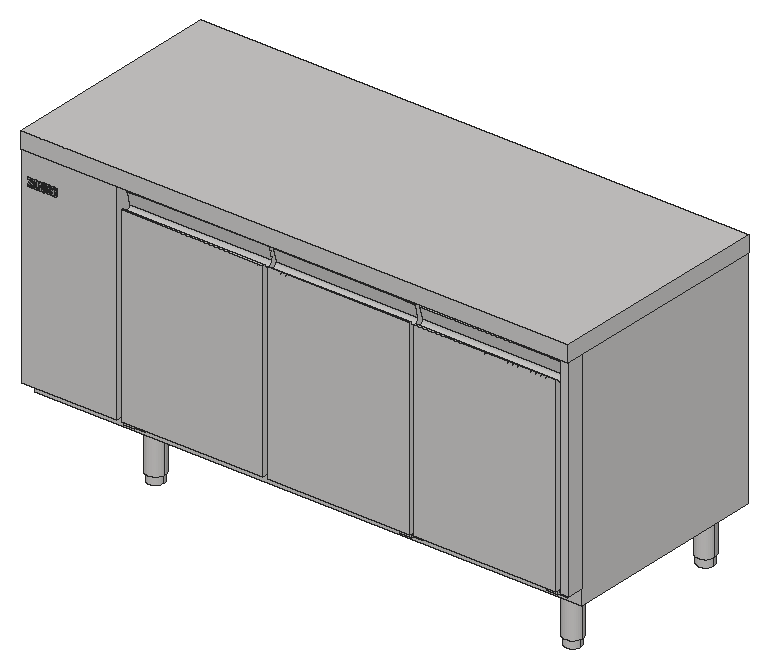
Revit family "QF_ZANUSSI_111113_ZK3HBAAA", category Attrezzature speciali, Revit 2018
Family settings
  Quota connettore circolare = Usa diametro
  Tipo di parte = Normale
  Basato su piano di lavoro = No
  Sempre verticale = Sì
  Taglio con vuoti quando caricato = No
  Condiviso = No
  Punto di calcolo locali = No
Parameters (values of type "Standard")
  Weight = 120.00 kg
  Watts = 220 W
  Volts = 220 V
  URL Manufacturer = "http://www.zanussiprofessional.com"
  URL = "http://www.zanussiprofessional.com"
  Steam Supply Size = 0 mm
  Steam Supply Minimum Pressure = 0.0 Pa
  Steam Supply Maximum Pressure = 0.0 Pa
  Steam Consumption per Hour = 0
  Refrigeration Suction Line Size = 0 mm
  Refrigeration Liquid Line Size = 0 mm
  Refrigerant Compressor Remote = yes
  Produttore = "Zanussi"
  Phase = 1
  Modello = "ZK3HBAAA"
  Length Actual = 1699 mm  # constant formula
  Item Number = "111113"
  Hot Water Size = 0 mm
  Height Actual = 900 mm  # constant formula
  HP = "0.3 HP"
  Gas Size = 0 mm
  Gas KW = 0
  Gas Input Pressure = 0 W
  Direct Waste Size = 0 mm
  Descrizione = "3-DOOR REFRIGERATED COUNTER, -2+10°C, AISI 304 (R290)"
  Depth Actual = 700 mm  # constant formula
  Cycle = 50 Hz
  Condensate Return Size = 0 mm
  Compressed Air Volume = 0.0 L/s
  Compressed Air Size = 0 mm
  Compressed Air Pressure = 0.0 Pa
  Cold Water Size = 0 mm
  Accessory = yes
Values of the unnamed type that differ from the named types
  Weight = 0.00 kg
  Watts = 0 W
  Volts = 0 V
  URL Manufacturer = ""
  Item Number = ""
  HP = ""
  Cycle = 0 Hz
Reference planes
  plane 1: z = 0
  plane 2 "Center (Left/Right)": x = -126.5
  plane 3 "Center (Front/Back)": y = 64.5
  plane 4 "BACK": y = 414.5
  plane 5 "FRONT": y = -285.5
  plane 6 "LEFT": x = -976
  plane 7 "RIGHT": x = 723
  plane 8 "FEET": z = 150
  plane 9 "TOP": z = 900
  plane 10 "PLAIN": z = 850
  plane 11 "EI_back": y = 105.5
  plane 12 "EI_left": x = -911
  plane 13 "BorderBack": y = 414.5
  plane 14 "BorderFront": y = -280.5
  plane 15 "DOOR": y = -230.5
  plane 16 "BorderLeft": x = -974
  plane 17 "BorderRight": x = 721
  plane 18: x = -949
  plane 19: x = 696
Forms (mm)
  Extrusion 1, solid, material "QF_Finishes_Stainless Steel"
    sketch origin (-1022.223, -1524, 150) x (-1, 0, 0) y (0, -1, 0)
      loop
        circle (-111.223, -1629.5) r 5
    from 0 to -40
  Extrusion 2, solid, material "QF_Finishes_Stainless Steel"
    sketch origin (-1022.223, -1524, 150) x (-1, 0, 0) y (0, -1, 0)
      loop
        line (-1718.223, -1293.5) -> (-1718.223, -1243.5) -> (-1743.223, -1243.5) -> (-1743.223, -1293.5) -> (-1718.223, -1293.5)
    from 48 to 700
  Extrusion 3, solid, material "QF_Finishes_Stainless Steel"
    sketch origin (-1022.223, -1524, 150) x (-1, 0, 0) y (0, -1, 0)
      loop
        line (-48.223, -1938.5) -> (-48.223, -1293.5) -> (-1743.223, -1293.5) -> (-1743.223, -1938.5) -> (-48.223, -1938.5)
    from 0 to 700
Dimensions and locks
  equal spacing: plane 6 "LEFT", plane 2 "Center (Left/Right)", plane 7 "RIGHT"
  plane 4 "BACK" to plane 5 "FRONT" = 700 mm  (x2)
  plane 8 "FEET" to level = 150 mm
  plane 4 "BACK" to plane 13 "BorderBack" = 0 mm
  plane 14 "BorderFront" to plane 5 "FRONT" = 5 mm
  plane 15 "DOOR" to plane 14 "BorderFront" = 50 mm
  plane 6 "LEFT" to plane 16 "BorderLeft" = 2 mm
  plane 17 "BorderRight" to plane 7 "RIGHT" = 2 mm
  plane 10 "PLAIN" to plane 8 "FEET" = 700 mm
  plane 9 "TOP" to plane 10 "PLAIN" = 50 mm
  plane 16 "BorderLeft" to plane 18 = 25 mm
  plane 19 to plane 17 "BorderRight" = 25 mm
  plane 13 "BorderBack" to plane 11 "EI_back" = 309 mm
  plane 16 "BorderLeft" to plane 12 "EI_left" = 63 mm
  plane 6 "LEFT" to plane 7 "RIGHT" = 1699 mm
  equal spacing: plane 4 "BACK", plane 3 "Center (Front/Back)", plane 5 "FRONT"
  aligned and locked: level to plane 1
Automatic sketch dimensions
  Extrusion 1 sketch curve to plane 11 "EI_back" = 0 mm
  Extrusion 1 sketch curve to plane 12 "EI_left" = 0 mm
  Extrusion 2 sketch curve to plane 15 "DOOR" = 0 mm
  Extrusion 2 sketch curve to plane 17 "BorderRight" = 0 mm
  Extrusion 2 sketch curve to plane 14 "BorderFront" = 0 mm
  Extrusion 2 sketch curve to plane 19 = 0 mm
  Extrusion 3 sketch curve to plane 13 "BorderBack" = 0 mm
  Extrusion 3 sketch curve to plane 17 "BorderRight" = 0 mm
  Extrusion 3 sketch curve to plane 15 "DOOR" = 0 mm
  Extrusion 3 sketch curve to plane 16 "BorderLeft" = 0 mm
  radius of Extrusion 1 sketch curve = 5 mm
Nested families
  nested 1: "HPC_PLAIN" at (0, 0, 0), type "HPC_PLAIN"
    with Show Logo yes, Show Clearance yes, Length 1699 mm
  nested 2: "HPC_Refrigerator" at (723, -280.5, 0), type "HPC_Refrigerator"
  nested 3: "HPC_FEET" at (-640, 333.5, 0), type "HPC_FEET"
  nested 4: "HPC_FEET" at (655, 333.5, 0), type "HPC_FEET"
  nested 5: "HPC_FEET" at (-640, -180.5, 0), type "HPC_FEET"
  nested 6: "HPC_FEET" at (655, -180.5, 0), type "HPC_FEET"
  nested 7: "HPC_ZAN_BI_TN_L" at (-767.08, -230.5, 598) x (1, 0, 0) z (0, -1, 0), type "HPC_ZAN_BI_TN_L"
    with Show Logo yes
  nested 8: "HPC_ZAN_SD_L" at (-446, -230.5, 512) x (1, 0, 0) z (0, -1, 0), type "HPC_ZAN_SD_L"
    with Show Clearance yes
  nested 9: "HPC_ZAN_SD_R" at (8, -230.5, 512) x (1, 0, 0) z (0, -1, 0), type "HPC_ZAN_SD_R"
    with Show Clearance yes
  nested 10: "HPC_ZAN_SD_R" at (462, -230.5, 512) x (1, 0, 0) z (0, -1, 0), type "HPC_ZAN_SD_R"
    with Show Clearance yes
Connectors
  electrical at (-911, 105.5, 110), driven by "Volts"
    settings: on Extrusion 1, index 1, voltage 220 V, apparent load 0 VA, apparent load phase1 0 VA, apparent load phase2 0 VA, apparent load phase3 0 VA, power factor 1, load classification "Other", number of poles 1, system type 31, power factor state 1, is connector primary yes, connector utility no, sub classification motor no, connector description "Electrical Connection"
Definition of nested family "HPC_PLAIN"
  Parameters
    Show Logo [instance] = yes
    Show Clearance [instance] = yes
    Plain = 50 mm
    Manufacturer = ""
    Model = ""
    Length = 1000 mm
    Height = 700 mm
    Feet = 150 mm
    Depth = 700 mm
    Description = ""
  Reference planes
    plane 1 "Center (Front/Back)": y = 64.5
    plane 2: z = 0
    plane 3 "Center (Left/Right)": x = -126.5
    plane 4 "BACK": y = 414.5
    plane 5 "FRONT": y = -285.5
    plane 6 "LEFT": x = -626.5
    plane 7 "RIGHT": x = 373.5
    plane 8 "FEET": z = 150
    plane 9 "TOP": z = 900
    plane 10 "PLAIN": z = 850
  Forms (mm)
    Extrusion 1, solid
      sketch origin (-626.5, 0, 0) x (0, 1, 0) y (0, 0, 1)
        loop
          line (414.5, 900) -> (-285.5, 900) -> (-285.5, 850) -> (414.5, 850) -> (414.5, 900)
      from 0 to 1000 <- "Length"
  Lines and regions (mm)
    symbolic lines
      curve 1: line (373.5, 414.5, 150) -> (-626.5, 414.5, 150)
      curve 2: line (-626.5, 414.5, 150) -> (-626.5, -285.5, 150)
      curve 3: line (-626.5, -285.5, 150) -> (373.5, -285.5, 150)
      curve 4: line (373.5, -285.5, 150) -> (373.5, 414.5, 150)
      curve 5: line (-626.5, -230.5, 150) -> (373.5, -230.5, 150)
  Dimensions and locks
    equal spacing: plane 6 "LEFT", plane 3 "Center (Left/Right)", plane 7 "RIGHT"
    equal spacing: plane 4 "BACK", plane 1 "Center (Front/Back)", plane 5 "FRONT"
    plane 4 "BACK" to plane 5 "FRONT" = 700 mm
    "Feet": plane 8 "FEET" to level
    "Height": plane 10 "PLAIN" to plane 8 "FEET"
    "Plain": plane 9 "TOP" to plane 10 "PLAIN"
    "Length": plane 6 "LEFT" to plane 7 "RIGHT"
    "Depth": plane 4 "BACK" to plane 5 "FRONT"
    aligned and locked: level to plane 2
  Automatic sketch dimensions
    Extrusion 1 sketch curve to plane 5 "FRONT" = 0 mm
    Extrusion 1 sketch curve to plane 4 "BACK" = 0 mm
    Extrusion 1 sketch curve to plane 10 "PLAIN" = 0 mm
    Extrusion 1 sketch curve to plane 9 "TOP" = 0 mm
    curve 1 to plane 4 "BACK" = 0 mm
    plane 5 "FRONT" to curve 5 = 55 mm
    curve 5 to plane 7 "RIGHT" = 0 mm
    curve 5 to plane 6 "LEFT" = 0 mm
    curve 3 to plane 5 "FRONT" = 0 mm
Definition of nested family "HPC_FEET"
  Parameters
    FEET = 150 mm
  Reference planes
    plane 1 "Center (Front/Back)": y = 0
    plane 2: z = 0
    plane 3 "Center (Left/Right)": x = 0
    plane 4: z = 150
  Forms (mm)
    Revolve 1, solid
      sketch origin (255.05, 0, 608.09) x (0, 0, 1) y (-1, 0, 0)
        loop
          line (-608.09, 255.05) -> (-608.09, 230.05) -> (-583.09, 230.05) -> (-583.09, 226.05) -> (-458.09, 226.05) -> (-458.09, 255.05) -> (-608.09, 255.05)
        axis (-608.09, 255.05) -> (-458.09, 255.05)
      angle from 0 to 360
  Dimensions and locks
    locked: Revolve 1 sketch curve to Revolve 1 sketch curve at 125
    "FEET": plane 4 to plane 2
    aligned and locked: level to plane 2
    aligned and locked: plane 4 to Revolve 1 sketch curve
    aligned and locked: Revolve 1 sketch curve to level
    aligned and locked: plane 3 "Center (Left/Right)" to Revolve 1 sketch curve
  Automatic sketch dimensions
    Revolve 1 sketch curve to plane 3 "Center (Left/Right)" = 0 mm
    Revolve 1 sketch curve to Revolve 1 sketch curve = 25 mm
    Revolve 1 sketch curve to Revolve 1 sketch curve = 29 mm
    plane 4 to Revolve 1 sketch curve = 50 mm
    Revolve 1 sketch curve to Revolve 1 sketch curve = 20 mm
Definition of nested family "HPC_ZAN_BI_TN_L"
  Parameters
    Show Logo [instance] = yes
    Default Elevation = 1219.2 mm
  Reference planes
    plane 1 "Center (Front/Back)": y = -74
    plane 2: z = 0
    plane 3 "Center (Left/Right)": x = -59.92
    plane 4: x = -206.92
    plane 5: x = 87.08
    plane 6: y = 252
    plane 7: y = -400
  Forms (mm)
    Extrusion 1, solid
      sketch origin (0, 0, 0) x (1, 0, 0) y (0, 1, 0)
        loop
          line (-1219.2, 1219.2) -> (-1219.2, -1219.2) -> (1219.2, -1219.2) -> (1219.2, 1219.2) -> (-1219.2, 1219.2)
      from 0 to -304.8
    Extrusion 2, solid
      sketch origin (0, 0, 0) x (1, 0, 0) y (0, 1, 0)
        loop
          line (-206.92, 252) -> (-206.92, -400) -> (87.08, -400) -> (87.08, 252) -> (-206.92, 252)
      from 0 to 50
    Extrusion 3, solid, not visible
      sketch origin (0, 0, 0) x (1, 0, 0) y (0, 1, 0)
        loop
          line (-206.92, 252) -> (-206.92, -400) -> (87.08, -400) -> (87.08, 252) -> (-206.92, 252)
      from 0 to 50
    Extrusion 4, solid
      sketch origin (0, 0, 0) x (1, 0, 0) y (0, 1, 0)
        loop
          line (-176.98, 153.377) -> (-176.98, 158.29) -> (-184.348, 158.29) -> (-176.98, 173.31) -> (-176.98, 177.381) -> (-189.192, 177.381) -> (-189.192, 172.889) -> (-182.735, 173.029) -> (-189.754, 158.29) -> (-189.754, 153.377) -> (-176.98, 153.377)
        loop
          line (-169.929, 162.361) -> (-167.122, 162.361) -> (-168.525, 173.278) -> (-169.929, 162.361)
        loop
          line (-171.192, 153.377) -> (-170.491, 158.009) -> (-166.42, 158.009) -> (-165.718, 153.377) -> (-160.664, 153.377) -> (-165.156, 177.381) -> (-171.894, 177.381) -> (-176.246, 153.377) -> (-171.192, 153.377)
        loop
          line (-160.042, 177.381) -> (-160.042, 153.377) -> (-155.691, 153.377) -> (-155.691, 169.239) -> (-151.62, 153.377) -> (-146.286, 153.377) -> (-146.286, 177.381) -> (-150.778, 177.381) -> (-150.778, 162.08) -> (-154.848, 177.381) -> (-160.042, 177.381)
        loop
          arc (-145.163, 159.313) -> (-139.158, 153.338) -> (-132.389, 158.43) r 6.468
          line (-132.389, 158.43) -> (-132.389, 177.381) -> (-137.302, 177.381) -> (-137.302, 159.553)
          arc (-137.302, 159.553) -> (-138.593, 158.064) -> (-140.25, 159.132) r 1.504
          line (-140.25, 159.132) -> (-140.25, 177.381) -> (-145.163, 177.381) -> (-145.163, 159.313)
        loop
          line (-123.264, 169.8) -> (-118.632, 169.8) -> (-118.556, 171.983)
          arc (-118.556, 171.983) -> (-118.879, 174.415) -> (-120.404, 176.338) r 4.609
          arc (-120.404, 176.338) -> (-124.888, 177.8) -> (-129.372, 176.338) r 7.606
          arc (-129.372, 176.338) -> (-131.2, 172.788) -> (-130.974, 168.801) r 7.59
          arc (-130.974, 168.801) -> (-129.472, 166.597) -> (-127.628, 164.67) r 16.193
          line (-127.628, 164.67) -> (-125.559, 162.836)
          arc (-125.559, 162.836) -> (-124.336, 161.798) -> (-123.386, 160.505) r 6.904
          arc (-123.386, 160.505) -> (-123.621, 158.247) -> (-125.834, 157.743) r 1.95
          arc (-125.834, 157.743) -> (-126.501, 158.417) -> (-126.786, 159.321) r 2.021
          arc (-126.786, 159.321) -> (-126.808, 159.958) -> (-126.786, 160.595) r 9.221
          arc (-126.786, 160.595) -> (-126.765, 161.197) -> (-126.786, 161.799) r 8.711
          line (-126.786, 161.799) -> (-131.687, 161.799)
          arc (-131.687, 161.799) -> (-131.64, 158.363) -> (-130.285, 155.205) r 8.837
          arc (-130.285, 155.205) -> (-123.886, 153.382) -> (-118.495, 157.284) r 7.618
          arc (-118.495, 157.284) -> (-118.397, 161.313) -> (-120.126, 164.954) r 8.7
          line (-120.126, 164.954) -> (-125.51, 169.8)
          arc (-125.51, 169.8) -> (-126.239, 170.716) -> (-126.629, 171.818) r 3.541
          arc (-126.629, 171.818) -> (-125.243, 173.797) -> (-123.264, 172.411) r 1.708
          line (-123.264, 172.411) -> (-123.264, 169.8)
        loop
          line (-109.264, 169.8) -> (-104.632, 169.8) -> (-104.556, 171.983)
          arc (-104.556, 171.983) -> (-104.879, 174.415) -> (-106.404, 176.338) r 4.609
          arc (-106.404, 176.338) -> (-110.888, 177.8) -> (-115.372, 176.338) r 7.606
          arc (-115.372, 176.338) -> (-117.2, 172.788) -> (-116.974, 168.801) r 7.59
          arc (-116.974, 168.801) -> (-115.472, 166.597) -> (-113.628, 164.67) r 16.193
          line (-113.628, 164.67) -> (-111.559, 162.836)
          arc (-111.559, 162.836) -> (-110.336, 161.798) -> (-109.386, 160.505) r 6.904
          arc (-109.386, 160.505) -> (-109.621, 158.247) -> (-111.834, 157.743) r 1.95
          arc (-111.834, 157.743) -> (-112.501, 158.417) -> (-112.786, 159.321) r 2.021
          arc (-112.786, 159.321) -> (-112.808, 159.958) -> (-112.786, 160.595) r 9.221
          arc (-112.786, 160.595) -> (-112.765, 161.197) -> (-112.786, 161.799) r 8.711
          line (-112.786, 161.799) -> (-117.687, 161.799)
          arc (-117.687, 161.799) -> (-117.64, 158.363) -> (-116.285, 155.205) r 8.837
          arc (-116.285, 155.205) -> (-109.886, 153.382) -> (-104.495, 157.284) r 7.618
          arc (-104.495, 157.284) -> (-104.397, 161.313) -> (-106.126, 164.954) r 8.7
          line (-106.126, 164.954) -> (-111.51, 169.8)
          arc (-111.51, 169.8) -> (-112.239, 170.716) -> (-112.629, 171.818) r 3.541
          arc (-112.629, 171.818) -> (-111.243, 173.797) -> (-109.264, 172.411) r 1.708
          line (-109.264, 172.411) -> (-109.264, 169.8)
        loop
          line (-103.612, 177.381) -> (-103.612, 153.377) -> (-98.699, 153.377) -> (-98.699, 177.381) -> (-103.612, 177.381)
      from 50 to 51.6
  Lines and regions (mm)
    Split face 1
      outline origin (-12.5, 0, 50) x (1, 0, 0) y (0, 1, 0)
        loop
          line (-5.42, 177) -> (-5.42, 154) -> (64.58, 154) -> (64.58, 177) -> (-5.42, 177)
    Split face 2
      outline origin (0, 0, 50) x (1, 0, 0) y (0, 1, 0)
        loop
          line (-206.92, 188) -> (87.08, 188)
    Split face 3
      outline origin (0, 0, 50) x (1, 0, 0) y (0, 1, 0)
        loop
          arc (-163.464, 131.824) -> (-167.464, 127.824) -> (-163.464, 123.824) r 4
          line (-163.464, 123.824) -> (-121.464, 123.824)
          arc (-121.464, 123.824) -> (-117.464, 127.824) -> (-121.464, 131.824) r 4
          line (-121.464, 131.824) -> (-163.464, 131.824)
    Split face 4
      outline origin (330, 0, 50) x (1, 0, 0) y (0, 1, 0)
        loop
          arc (-328.464, 131.824) -> (-332.464, 127.824) -> (-328.464, 123.824) r 4
          line (-328.464, 123.824) -> (-286.464, 123.824)
          arc (-286.464, 123.824) -> (-282.464, 127.824) -> (-286.464, 131.824) r 4
          line (-286.464, 131.824) -> (-328.464, 131.824)
    Split face 5
      outline origin (110, 0, 50) x (1, 0, 0) y (0, 1, 0)
        loop
          arc (-218.464, 131.824) -> (-222.464, 127.824) -> (-218.464, 123.824) r 4
          line (-218.464, 123.824) -> (-176.464, 123.824)
          arc (-176.464, 123.824) -> (-172.464, 127.824) -> (-176.464, 131.824) r 4
          line (-176.464, 131.824) -> (-218.464, 131.824)
    Split face 6
      outline origin (220, 0, 50) x (1, 0, 0) y (0, 1, 0)
        loop
          arc (-273.464, 131.824) -> (-277.464, 127.824) -> (-273.464, 123.824) r 4
          line (-273.464, 123.824) -> (-231.464, 123.824)
          arc (-231.464, 123.824) -> (-227.464, 127.824) -> (-231.464, 131.824) r 4
          line (-231.464, 131.824) -> (-273.464, 131.824)
    Split face 7, not visible
      outline origin (0, 0, 50) x (1, 0, 0) y (0, 1, 0)
        loop
          arc (-163.464, 131.824) -> (-167.464, 127.824) -> (-163.464, 123.824) r 4
          line (-163.464, 123.824) -> (-121.464, 123.824)
          arc (-121.464, 123.824) -> (-117.464, 127.824) -> (-121.464, 131.824) r 4
          line (-121.464, 131.824) -> (-163.464, 131.824)
    Split face 8
      outline origin (0, -24, 50) x (1, 0, 0) y (0, 1, 0)
        loop
          arc (-163.464, 143.824) -> (-167.464, 139.824) -> (-163.464, 135.824) r 4
          line (-163.464, 135.824) -> (-121.464, 135.824)
          arc (-121.464, 135.824) -> (-117.464, 139.824) -> (-121.464, 143.824) r 4
          line (-121.464, 143.824) -> (-163.464, 143.824)
    Split face 9
      outline origin (330, -24, 50) x (1, 0, 0) y (0, 1, 0)
        loop
          arc (-328.464, 143.824) -> (-332.464, 139.824) -> (-328.464, 135.824) r 4
          line (-328.464, 135.824) -> (-286.464, 135.824)
          arc (-286.464, 135.824) -> (-282.464, 139.824) -> (-286.464, 143.824) r 4
          line (-286.464, 143.824) -> (-328.464, 143.824)
    Split face 10
      outline origin (110, -24, 50) x (1, 0, 0) y (0, 1, 0)
        loop
          arc (-218.464, 143.824) -> (-222.464, 139.824) -> (-218.464, 135.824) r 4
          line (-218.464, 135.824) -> (-176.464, 135.824)
          arc (-176.464, 135.824) -> (-172.464, 139.824) -> (-176.464, 143.824) r 4
          line (-176.464, 143.824) -> (-218.464, 143.824)
    Split face 11
      outline origin (220, -24, 50) x (1, 0, 0) y (0, 1, 0)
        loop
          arc (-273.464, 143.824) -> (-277.464, 139.824) -> (-273.464, 135.824) r 4
          line (-273.464, 135.824) -> (-231.464, 135.824)
          arc (-231.464, 135.824) -> (-227.464, 139.824) -> (-231.464, 143.824) r 4
          line (-231.464, 143.824) -> (-273.464, 143.824)
    Split face 12
      outline origin (0, -48, 50) x (1, 0, 0) y (0, 1, 0)
        loop
          arc (-163.464, 155.824) -> (-167.464, 151.824) -> (-163.464, 147.824) r 4
          line (-163.464, 147.824) -> (-121.464, 147.824)
          arc (-121.464, 147.824) -> (-117.464, 151.824) -> (-121.464, 155.824) r 4
          line (-121.464, 155.824) -> (-163.464, 155.824)
    Split face 13
      outline origin (330, -48, 50) x (1, 0, 0) y (0, 1, 0)
        loop
          arc (-328.464, 155.824) -> (-332.464, 151.824) -> (-328.464, 147.824) r 4
          line (-328.464, 147.824) -> (-286.464, 147.824)
          arc (-286.464, 147.824) -> (-282.464, 151.824) -> (-286.464, 155.824) r 4
          line (-286.464, 155.824) -> (-328.464, 155.824)
    Split face 14
      outline origin (110, -48, 50) x (1, 0, 0) y (0, 1, 0)
        loop
          arc (-218.464, 155.824) -> (-222.464, 151.824) -> (-218.464, 147.824) r 4
          line (-218.464, 147.824) -> (-176.464, 147.824)
          arc (-176.464, 147.824) -> (-172.464, 151.824) -> (-176.464, 155.824) r 4
          line (-176.464, 155.824) -> (-218.464, 155.824)
    Split face 15
      outline origin (220, -48, 50) x (1, 0, 0) y (0, 1, 0)
        loop
          arc (-273.464, 155.824) -> (-277.464, 151.824) -> (-273.464, 147.824) r 4
          line (-273.464, 147.824) -> (-231.464, 147.824)
          arc (-231.464, 147.824) -> (-227.464, 151.824) -> (-231.464, 155.824) r 4
          line (-231.464, 155.824) -> (-273.464, 155.824)
    Split face 16
      outline origin (0, -72, 50) x (1, 0, 0) y (0, 1, 0)
        loop
          arc (-163.464, 167.824) -> (-167.464, 163.824) -> (-163.464, 159.824) r 4
          line (-163.464, 159.824) -> (-121.464, 159.824)
          arc (-121.464, 159.824) -> (-117.464, 163.824) -> (-121.464, 167.824) r 4
          line (-121.464, 167.824) -> (-163.464, 167.824)
    Split face 17
      outline origin (330, -72, 50) x (1, 0, 0) y (0, 1, 0)
        loop
          arc (-328.464, 167.824) -> (-332.464, 163.824) -> (-328.464, 159.824) r 4
          line (-328.464, 159.824) -> (-286.464, 159.824)
          arc (-286.464, 159.824) -> (-282.464, 163.824) -> (-286.464, 167.824) r 4
          line (-286.464, 167.824) -> (-328.464, 167.824)
    Split face 18
      outline origin (110, -72, 50) x (1, 0, 0) y (0, 1, 0)
        loop
          arc (-218.464, 167.824) -> (-222.464, 163.824) -> (-218.464, 159.824) r 4
          line (-218.464, 159.824) -> (-176.464, 159.824)
          arc (-176.464, 159.824) -> (-172.464, 163.824) -> (-176.464, 167.824) r 4
          line (-176.464, 167.824) -> (-218.464, 167.824)
    Split face 19
      outline origin (220, -72, 50) x (1, 0, 0) y (0, 1, 0)
        loop
          arc (-273.464, 167.824) -> (-277.464, 163.824) -> (-273.464, 159.824) r 4
          line (-273.464, 159.824) -> (-231.464, 159.824)
          arc (-231.464, 159.824) -> (-227.464, 163.824) -> (-231.464, 167.824) r 4
          line (-231.464, 167.824) -> (-273.464, 167.824)
    Split face 20
      outline origin (0, -96, 50) x (1, 0, 0) y (0, 1, 0)
        loop
          arc (-163.464, 179.824) -> (-167.464, 175.824) -> (-163.464, 171.824) r 4
          line (-163.464, 171.824) -> (-121.464, 171.824)
          arc (-121.464, 171.824) -> (-117.464, 175.824) -> (-121.464, 179.824) r 4
          line (-121.464, 179.824) -> (-163.464, 179.824)
    Split face 21
      outline origin (330, -96, 50) x (1, 0, 0) y (0, 1, 0)
        loop
          arc (-328.464, 179.824) -> (-332.464, 175.824) -> (-328.464, 171.824) r 4
          line (-328.464, 171.824) -> (-286.464, 171.824)
          arc (-286.464, 171.824) -> (-282.464, 175.824) -> (-286.464, 179.824) r 4
          line (-286.464, 179.824) -> (-328.464, 179.824)
    Split face 22
      outline origin (110, -96, 50) x (1, 0, 0) y (0, 1, 0)
        loop
          arc (-218.464, 179.824) -> (-222.464, 175.824) -> (-218.464, 171.824) r 4
          line (-218.464, 171.824) -> (-176.464, 171.824)
          arc (-176.464, 171.824) -> (-172.464, 175.824) -> (-176.464, 179.824) r 4
          line (-176.464, 179.824) -> (-218.464, 179.824)
    Split face 23
      outline origin (220, -96, 50) x (1, 0, 0) y (0, 1, 0)
        loop
          arc (-273.464, 179.824) -> (-277.464, 175.824) -> (-273.464, 171.824) r 4
          line (-273.464, 171.824) -> (-231.464, 171.824)
          arc (-231.464, 171.824) -> (-227.464, 175.824) -> (-231.464, 179.824) r 4
          line (-231.464, 179.824) -> (-273.464, 179.824)
    Split face 24
      outline origin (0, -120, 50) x (1, 0, 0) y (0, 1, 0)
        loop
          arc (-163.464, 191.824) -> (-167.464, 187.824) -> (-163.464, 183.824) r 4
          line (-163.464, 183.824) -> (-121.464, 183.824)
          arc (-121.464, 183.824) -> (-117.464, 187.824) -> (-121.464, 191.824) r 4
          line (-121.464, 191.824) -> (-163.464, 191.824)
    Split face 25
      outline origin (330, -120, 50) x (1, 0, 0) y (0, 1, 0)
        loop
          arc (-328.464, 191.824) -> (-332.464, 187.824) -> (-328.464, 183.824) r 4
          line (-328.464, 183.824) -> (-286.464, 183.824)
          arc (-286.464, 183.824) -> (-282.464, 187.824) -> (-286.464, 191.824) r 4
          line (-286.464, 191.824) -> (-328.464, 191.824)
    Split face 26
      outline origin (110, -120, 50) x (1, 0, 0) y (0, 1, 0)
        loop
          arc (-218.464, 191.824) -> (-222.464, 187.824) -> (-218.464, 183.824) r 4
          line (-218.464, 183.824) -> (-176.464, 183.824)
          arc (-176.464, 183.824) -> (-172.464, 187.824) -> (-176.464, 191.824) r 4
          line (-176.464, 191.824) -> (-218.464, 191.824)
    Split face 27
      outline origin (220, -120, 50) x (1, 0, 0) y (0, 1, 0)
        loop
          arc (-273.464, 191.824) -> (-277.464, 187.824) -> (-273.464, 183.824) r 4
          line (-273.464, 183.824) -> (-231.464, 183.824)
          arc (-231.464, 183.824) -> (-227.464, 187.824) -> (-231.464, 191.824) r 4
          line (-231.464, 191.824) -> (-273.464, 191.824)
    Split face 28
      outline origin (0, -144, 50) x (1, 0, 0) y (0, 1, 0)
        loop
          arc (-163.464, 203.824) -> (-167.464, 199.824) -> (-163.464, 195.824) r 4
          line (-163.464, 195.824) -> (-121.464, 195.824)
          arc (-121.464, 195.824) -> (-117.464, 199.824) -> (-121.464, 203.824) r 4
          line (-121.464, 203.824) -> (-163.464, 203.824)
    Split face 29
      outline origin (330, -144, 50) x (1, 0, 0) y (0, 1, 0)
        loop
          arc (-328.464, 203.824) -> (-332.464, 199.824) -> (-328.464, 195.824) r 4
          line (-328.464, 195.824) -> (-286.464, 195.824)
          arc (-286.464, 195.824) -> (-282.464, 199.824) -> (-286.464, 203.824) r 4
          line (-286.464, 203.824) -> (-328.464, 203.824)
    Split face 30
      outline origin (110, -144, 50) x (1, 0, 0) y (0, 1, 0)
        loop
          arc (-218.464, 203.824) -> (-222.464, 199.824) -> (-218.464, 195.824) r 4
          line (-218.464, 195.824) -> (-176.464, 195.824)
          arc (-176.464, 195.824) -> (-172.464, 199.824) -> (-176.464, 203.824) r 4
          line (-176.464, 203.824) -> (-218.464, 203.824)
    Split face 31
      outline origin (220, -144, 50) x (1, 0, 0) y (0, 1, 0)
        loop
          arc (-273.464, 203.824) -> (-277.464, 199.824) -> (-273.464, 195.824) r 4
          line (-273.464, 195.824) -> (-231.464, 195.824)
          arc (-231.464, 195.824) -> (-227.464, 199.824) -> (-231.464, 203.824) r 4
          line (-231.464, 203.824) -> (-273.464, 203.824)
    Split face 32
      outline origin (0, -168, 50) x (1, 0, 0) y (0, 1, 0)
        loop
          arc (-163.464, 215.824) -> (-167.464, 211.824) -> (-163.464, 207.824) r 4
          line (-163.464, 207.824) -> (-121.464, 207.824)
          arc (-121.464, 207.824) -> (-117.464, 211.824) -> (-121.464, 215.824) r 4
          line (-121.464, 215.824) -> (-163.464, 215.824)
    Split face 33
      outline origin (330, -168, 50) x (1, 0, 0) y (0, 1, 0)
        loop
          arc (-328.464, 215.824) -> (-332.464, 211.824) -> (-328.464, 207.824) r 4
          line (-328.464, 207.824) -> (-286.464, 207.824)
          arc (-286.464, 207.824) -> (-282.464, 211.824) -> (-286.464, 215.824) r 4
          line (-286.464, 215.824) -> (-328.464, 215.824)
    Split face 34
      outline origin (110, -168, 50) x (1, 0, 0) y (0, 1, 0)
        loop
          arc (-218.464, 215.824) -> (-222.464, 211.824) -> (-218.464, 207.824) r 4
          line (-218.464, 207.824) -> (-176.464, 207.824)
          arc (-176.464, 207.824) -> (-172.464, 211.824) -> (-176.464, 215.824) r 4
          line (-176.464, 215.824) -> (-218.464, 215.824)
    Split face 35
      outline origin (220, -168, 50) x (1, 0, 0) y (0, 1, 0)
        loop
          arc (-273.464, 215.824) -> (-277.464, 211.824) -> (-273.464, 207.824) r 4
          line (-273.464, 207.824) -> (-231.464, 207.824)
          arc (-231.464, 207.824) -> (-227.464, 211.824) -> (-231.464, 215.824) r 4
          line (-231.464, 215.824) -> (-273.464, 215.824)
    Split face 36
      outline origin (0, -192, 50) x (1, 0, 0) y (0, 1, 0)
        loop
          arc (-163.464, 227.824) -> (-167.464, 223.824) -> (-163.464, 219.824) r 4
          line (-163.464, 219.824) -> (-121.464, 219.824)
          arc (-121.464, 219.824) -> (-117.464, 223.824) -> (-121.464, 227.824) r 4
          line (-121.464, 227.824) -> (-163.464, 227.824)
    Split face 37
      outline origin (330, -192, 50) x (1, 0, 0) y (0, 1, 0)
        loop
          arc (-328.464, 227.824) -> (-332.464, 223.824) -> (-328.464, 219.824) r 4
          line (-328.464, 219.824) -> (-286.464, 219.824)
          arc (-286.464, 219.824) -> (-282.464, 223.824) -> (-286.464, 227.824) r 4
          line (-286.464, 227.824) -> (-328.464, 227.824)
    Split face 38
      outline origin (110, -192, 50) x (1, 0, 0) y (0, 1, 0)
        loop
          arc (-218.464, 227.824) -> (-222.464, 223.824) -> (-218.464, 219.824) r 4
          line (-218.464, 219.824) -> (-176.464, 219.824)
          arc (-176.464, 219.824) -> (-172.464, 223.824) -> (-176.464, 227.824) r 4
          line (-176.464, 227.824) -> (-218.464, 227.824)
    Split face 39
      outline origin (220, -192, 50) x (1, 0, 0) y (0, 1, 0)
        loop
          arc (-273.464, 227.824) -> (-277.464, 223.824) -> (-273.464, 219.824) r 4
          line (-273.464, 219.824) -> (-231.464, 219.824)
          arc (-231.464, 219.824) -> (-227.464, 223.824) -> (-231.464, 227.824) r 4
          line (-231.464, 227.824) -> (-273.464, 227.824)
    Split face 40
      outline origin (0, -216, 50) x (1, 0, 0) y (0, 1, 0)
        loop
          arc (-163.464, 239.824) -> (-167.464, 235.824) -> (-163.464, 231.824) r 4
          line (-163.464, 231.824) -> (-121.464, 231.824)
          arc (-121.464, 231.824) -> (-117.464, 235.824) -> (-121.464, 239.824) r 4
          line (-121.464, 239.824) -> (-163.464, 239.824)
    Split face 41
      outline origin (330, -216, 50) x (1, 0, 0) y (0, 1, 0)
        loop
          arc (-328.464, 239.824) -> (-332.464, 235.824) -> (-328.464, 231.824) r 4
          line (-328.464, 231.824) -> (-286.464, 231.824)
          arc (-286.464, 231.824) -> (-282.464, 235.824) -> (-286.464, 239.824) r 4
          line (-286.464, 239.824) -> (-328.464, 239.824)
    Split face 42
      outline origin (110, -216, 50) x (1, 0, 0) y (0, 1, 0)
        loop
          arc (-218.464, 239.824) -> (-222.464, 235.824) -> (-218.464, 231.824) r 4
          line (-218.464, 231.824) -> (-176.464, 231.824)
          arc (-176.464, 231.824) -> (-172.464, 235.824) -> (-176.464, 239.824) r 4
          line (-176.464, 239.824) -> (-218.464, 239.824)
    Split face 43
      outline origin (220, -216, 50) x (1, 0, 0) y (0, 1, 0)
        loop
          arc (-273.464, 239.824) -> (-277.464, 235.824) -> (-273.464, 231.824) r 4
          line (-273.464, 231.824) -> (-231.464, 231.824)
          arc (-231.464, 231.824) -> (-227.464, 235.824) -> (-231.464, 239.824) r 4
          line (-231.464, 239.824) -> (-273.464, 239.824)
    Split face 44
      outline origin (0, -240, 50) x (1, 0, 0) y (0, 1, 0)
        loop
          arc (-163.464, 251.824) -> (-167.464, 247.824) -> (-163.464, 243.824) r 4
          line (-163.464, 243.824) -> (-121.464, 243.824)
          arc (-121.464, 243.824) -> (-117.464, 247.824) -> (-121.464, 251.824) r 4
          line (-121.464, 251.824) -> (-163.464, 251.824)
    Split face 45
      outline origin (330, -240, 50) x (1, 0, 0) y (0, 1, 0)
        loop
          arc (-328.464, 251.824) -> (-332.464, 247.824) -> (-328.464, 243.824) r 4
          line (-328.464, 243.824) -> (-286.464, 243.824)
          arc (-286.464, 243.824) -> (-282.464, 247.824) -> (-286.464, 251.824) r 4
          line (-286.464, 251.824) -> (-328.464, 251.824)
    Split face 46
      outline origin (110, -240, 50) x (1, 0, 0) y (0, 1, 0)
        loop
          arc (-218.464, 251.824) -> (-222.464, 247.824) -> (-218.464, 243.824) r 4
          line (-218.464, 243.824) -> (-176.464, 243.824)
          arc (-176.464, 243.824) -> (-172.464, 247.824) -> (-176.464, 251.824) r 4
          line (-176.464, 251.824) -> (-218.464, 251.824)
    Split face 47
      outline origin (220, -240, 50) x (1, 0, 0) y (0, 1, 0)
        loop
          arc (-273.464, 251.824) -> (-277.464, 247.824) -> (-273.464, 243.824) r 4
          line (-273.464, 243.824) -> (-231.464, 243.824)
          arc (-231.464, 243.824) -> (-227.464, 247.824) -> (-231.464, 251.824) r 4
          line (-231.464, 251.824) -> (-273.464, 251.824)
    Split face 48
      outline origin (0, -264, 50) x (1, 0, 0) y (0, 1, 0)
        loop
          arc (-163.464, 263.824) -> (-167.464, 259.824) -> (-163.464, 255.824) r 4
          line (-163.464, 255.824) -> (-121.464, 255.824)
          arc (-121.464, 255.824) -> (-117.464, 259.824) -> (-121.464, 263.824) r 4
          line (-121.464, 263.824) -> (-163.464, 263.824)
    Split face 49
      outline origin (330, -264, 50) x (1, 0, 0) y (0, 1, 0)
        loop
          arc (-328.464, 263.824) -> (-332.464, 259.824) -> (-328.464, 255.824) r 4
          line (-328.464, 255.824) -> (-286.464, 255.824)
          arc (-286.464, 255.824) -> (-282.464, 259.824) -> (-286.464, 263.824) r 4
          line (-286.464, 263.824) -> (-328.464, 263.824)
    Split face 50
      outline origin (110, -264, 50) x (1, 0, 0) y (0, 1, 0)
        loop
          arc (-218.464, 263.824) -> (-222.464, 259.824) -> (-218.464, 255.824) r 4
          line (-218.464, 255.824) -> (-176.464, 255.824)
          arc (-176.464, 255.824) -> (-172.464, 259.824) -> (-176.464, 263.824) r 4
          line (-176.464, 263.824) -> (-218.464, 263.824)
    Split face 51
      outline origin (220, -264, 50) x (1, 0, 0) y (0, 1, 0)
        loop
          arc (-273.464, 263.824) -> (-277.464, 259.824) -> (-273.464, 255.824) r 4
          line (-273.464, 255.824) -> (-231.464, 255.824)
          arc (-231.464, 255.824) -> (-227.464, 259.824) -> (-231.464, 263.824) r 4
          line (-231.464, 263.824) -> (-273.464, 263.824)
    Split face 52
      outline origin (0, -288, 50) x (1, 0, 0) y (0, 1, 0)
        loop
          arc (-163.464, 275.824) -> (-167.464, 271.824) -> (-163.464, 267.824) r 4
          line (-163.464, 267.824) -> (-121.464, 267.824)
          arc (-121.464, 267.824) -> (-117.464, 271.824) -> (-121.464, 275.824) r 4
          line (-121.464, 275.824) -> (-163.464, 275.824)
    Split face 53
      outline origin (330, -288, 50) x (1, 0, 0) y (0, 1, 0)
        loop
          arc (-328.464, 275.824) -> (-332.464, 271.824) -> (-328.464, 267.824) r 4
          line (-328.464, 267.824) -> (-286.464, 267.824)
          arc (-286.464, 267.824) -> (-282.464, 271.824) -> (-286.464, 275.824) r 4
          line (-286.464, 275.824) -> (-328.464, 275.824)
    Split face 54
      outline origin (110, -288, 50) x (1, 0, 0) y (0, 1, 0)
        loop
          arc (-218.464, 275.824) -> (-222.464, 271.824) -> (-218.464, 267.824) r 4
          line (-218.464, 267.824) -> (-176.464, 267.824)
          arc (-176.464, 267.824) -> (-172.464, 271.824) -> (-176.464, 275.824) r 4
          line (-176.464, 275.824) -> (-218.464, 275.824)
    Split face 55
      outline origin (220, -288, 50) x (1, 0, 0) y (0, 1, 0)
        loop
          arc (-273.464, 275.824) -> (-277.464, 271.824) -> (-273.464, 267.824) r 4
          line (-273.464, 267.824) -> (-231.464, 267.824)
          arc (-231.464, 267.824) -> (-227.464, 271.824) -> (-231.464, 275.824) r 4
          line (-231.464, 275.824) -> (-273.464, 275.824)
    Split face 56
      outline origin (0, -312, 50) x (1, 0, 0) y (0, 1, 0)
        loop
          arc (-163.464, 287.824) -> (-167.464, 283.824) -> (-163.464, 279.824) r 4
          line (-163.464, 279.824) -> (-121.464, 279.824)
          arc (-121.464, 279.824) -> (-117.464, 283.824) -> (-121.464, 287.824) r 4
          line (-121.464, 287.824) -> (-163.464, 287.824)
    Split face 57
      outline origin (330, -312, 50) x (1, 0, 0) y (0, 1, 0)
        loop
          arc (-328.464, 287.824) -> (-332.464, 283.824) -> (-328.464, 279.824) r 4
          line (-328.464, 279.824) -> (-286.464, 279.824)
          arc (-286.464, 279.824) -> (-282.464, 283.824) -> (-286.464, 287.824) r 4
          line (-286.464, 287.824) -> (-328.464, 287.824)
    Split face 58
      outline origin (110, -312, 50) x (1, 0, 0) y (0, 1, 0)
        loop
          arc (-218.464, 287.824) -> (-222.464, 283.824) -> (-218.464, 279.824) r 4
          line (-218.464, 279.824) -> (-176.464, 279.824)
          arc (-176.464, 279.824) -> (-172.464, 283.824) -> (-176.464, 287.824) r 4
          line (-176.464, 287.824) -> (-218.464, 287.824)
    Split face 59
      outline origin (220, -312, 50) x (1, 0, 0) y (0, 1, 0)
        loop
          arc (-273.464, 287.824) -> (-277.464, 283.824) -> (-273.464, 279.824) r 4
          line (-273.464, 279.824) -> (-231.464, 279.824)
          arc (-231.464, 279.824) -> (-227.464, 283.824) -> (-231.464, 287.824) r 4
          line (-231.464, 287.824) -> (-273.464, 287.824)
    Split face 60
      outline origin (0, -336, 50) x (1, 0, 0) y (0, 1, 0)
        loop
          arc (-163.464, 299.824) -> (-167.464, 295.824) -> (-163.464, 291.824) r 4
          line (-163.464, 291.824) -> (-121.464, 291.824)
          arc (-121.464, 291.824) -> (-117.464, 295.824) -> (-121.464, 299.824) r 4
          line (-121.464, 299.824) -> (-163.464, 299.824)
    Split face 61
      outline origin (330, -336, 50) x (1, 0, 0) y (0, 1, 0)
        loop
          arc (-328.464, 299.824) -> (-332.464, 295.824) -> (-328.464, 291.824) r 4
          line (-328.464, 291.824) -> (-286.464, 291.824)
          arc (-286.464, 291.824) -> (-282.464, 295.824) -> (-286.464, 299.824) r 4
          line (-286.464, 299.824) -> (-328.464, 299.824)
    Split face 62
      outline origin (110, -336, 50) x (1, 0, 0) y (0, 1, 0)
        loop
          arc (-218.464, 299.824) -> (-222.464, 295.824) -> (-218.464, 291.824) r 4
          line (-218.464, 291.824) -> (-176.464, 291.824)
          arc (-176.464, 291.824) -> (-172.464, 295.824) -> (-176.464, 299.824) r 4
          line (-176.464, 299.824) -> (-218.464, 299.824)
    Split face 63
      outline origin (220, -336, 50) x (1, 0, 0) y (0, 1, 0)
        loop
          arc (-273.464, 299.824) -> (-277.464, 295.824) -> (-273.464, 291.824) r 4
          line (-273.464, 291.824) -> (-231.464, 291.824)
          arc (-231.464, 291.824) -> (-227.464, 295.824) -> (-231.464, 299.824) r 4
          line (-231.464, 299.824) -> (-273.464, 299.824)
    Split face 64
      outline origin (0, -360, 50) x (1, 0, 0) y (0, 1, 0)
        loop
          arc (-163.464, 311.824) -> (-167.464, 307.824) -> (-163.464, 303.824) r 4
          line (-163.464, 303.824) -> (-121.464, 303.824)
          arc (-121.464, 303.824) -> (-117.464, 307.824) -> (-121.464, 311.824) r 4
          line (-121.464, 311.824) -> (-163.464, 311.824)
    Split face 65
      outline origin (330, -360, 50) x (1, 0, 0) y (0, 1, 0)
        loop
          arc (-328.464, 311.824) -> (-332.464, 307.824) -> (-328.464, 303.824) r 4
          line (-328.464, 303.824) -> (-286.464, 303.824)
          arc (-286.464, 303.824) -> (-282.464, 307.824) -> (-286.464, 311.824) r 4
          line (-286.464, 311.824) -> (-328.464, 311.824)
    Split face 66
      outline origin (110, -360, 50) x (1, 0, 0) y (0, 1, 0)
        loop
          arc (-218.464, 311.824) -> (-222.464, 307.824) -> (-218.464, 303.824) r 4
          line (-218.464, 303.824) -> (-176.464, 303.824)
          arc (-176.464, 303.824) -> (-172.464, 307.824) -> (-176.464, 311.824) r 4
          line (-176.464, 311.824) -> (-218.464, 311.824)
    Split face 67
      outline origin (220, -360, 50) x (1, 0, 0) y (0, 1, 0)
        loop
          arc (-273.464, 311.824) -> (-277.464, 307.824) -> (-273.464, 303.824) r 4
          line (-273.464, 303.824) -> (-231.464, 303.824)
          arc (-231.464, 303.824) -> (-227.464, 307.824) -> (-231.464, 311.824) r 4
          line (-231.464, 311.824) -> (-273.464, 311.824)
    Split face 68
      outline origin (0, 0, 50) x (1, 0, 0) y (0, 1, 0)
        loop
          line (-206.92, 143) -> (87.08, 143)
    Split face 69
      outline origin (0, -663.3, 50) x (1, 0, 0) y (0, 1, 0)
        loop
          arc (-163.464, 463.474) -> (-167.464, 459.474) -> (-163.464, 455.474) r 4
          line (-163.464, 455.474) -> (-121.464, 455.474)
          arc (-121.464, 455.474) -> (-117.464, 459.474) -> (-121.464, 463.474) r 4
          line (-121.464, 463.474) -> (-163.464, 463.474)
    Split face 70
      outline origin (330, -663.3, 50) x (1, 0, 0) y (0, 1, 0)
        loop
          arc (-328.464, 463.474) -> (-332.464, 459.474) -> (-328.464, 455.474) r 4
          line (-328.464, 455.474) -> (-286.464, 455.474)
          arc (-286.464, 455.474) -> (-282.464, 459.474) -> (-286.464, 463.474) r 4
          line (-286.464, 463.474) -> (-328.464, 463.474)
    Split face 71
      outline origin (110, -663.3, 50) x (1, 0, 0) y (0, 1, 0)
        loop
          arc (-218.464, 463.474) -> (-222.464, 459.474) -> (-218.464, 455.474) r 4
          line (-218.464, 455.474) -> (-176.464, 455.474)
          arc (-176.464, 455.474) -> (-172.464, 459.474) -> (-176.464, 463.474) r 4
          line (-176.464, 463.474) -> (-218.464, 463.474)
    Split face 72
      outline origin (220, -663.3, 50) x (1, 0, 0) y (0, 1, 0)
        loop
          arc (-273.464, 463.474) -> (-277.464, 459.474) -> (-273.464, 455.474) r 4
          line (-273.464, 455.474) -> (-231.464, 455.474)
          arc (-231.464, 455.474) -> (-227.464, 459.474) -> (-231.464, 463.474) r 4
          line (-231.464, 463.474) -> (-273.464, 463.474)
    Split face 73
      outline origin (0, -687.3, 50) x (1, 0, 0) y (0, 1, 0)
        loop
          arc (-163.464, 475.474) -> (-167.464, 471.474) -> (-163.464, 467.474) r 4
          line (-163.464, 467.474) -> (-121.464, 467.474)
          arc (-121.464, 467.474) -> (-117.464, 471.474) -> (-121.464, 475.474) r 4
          line (-121.464, 475.474) -> (-163.464, 475.474)
    Split face 74
      outline origin (330, -687.3, 50) x (1, 0, 0) y (0, 1, 0)
        loop
          arc (-328.464, 475.474) -> (-332.464, 471.474) -> (-328.464, 467.474) r 4
          line (-328.464, 467.474) -> (-286.464, 467.474)
          arc (-286.464, 467.474) -> (-282.464, 471.474) -> (-286.464, 475.474) r 4
          line (-286.464, 475.474) -> (-328.464, 475.474)
    Split face 75
      outline origin (110, -687.3, 50) x (1, 0, 0) y (0, 1, 0)
        loop
          arc (-218.464, 475.474) -> (-222.464, 471.474) -> (-218.464, 467.474) r 4
          line (-218.464, 467.474) -> (-176.464, 467.474)
          arc (-176.464, 467.474) -> (-172.464, 471.474) -> (-176.464, 475.474) r 4
          line (-176.464, 475.474) -> (-218.464, 475.474)
    Split face 76
      outline origin (220, -687.3, 50) x (1, 0, 0) y (0, 1, 0)
        loop
          arc (-273.464, 475.474) -> (-277.464, 471.474) -> (-273.464, 467.474) r 4
          line (-273.464, 467.474) -> (-231.464, 467.474)
          arc (-231.464, 467.474) -> (-227.464, 471.474) -> (-231.464, 475.474) r 4
          line (-231.464, 475.474) -> (-273.464, 475.474)
    Split face 77
      outline origin (0, -711.3, 50) x (1, 0, 0) y (0, 1, 0)
        loop
          arc (-163.464, 487.474) -> (-167.464, 483.474) -> (-163.464, 479.474) r 4
          line (-163.464, 479.474) -> (-121.464, 479.474)
          arc (-121.464, 479.474) -> (-117.464, 483.474) -> (-121.464, 487.474) r 4
          line (-121.464, 487.474) -> (-163.464, 487.474)
    Split face 78
      outline origin (330, -711.3, 50) x (1, 0, 0) y (0, 1, 0)
        loop
          arc (-328.464, 487.474) -> (-332.464, 483.474) -> (-328.464, 479.474) r 4
          line (-328.464, 479.474) -> (-286.464, 479.474)
          arc (-286.464, 479.474) -> (-282.464, 483.474) -> (-286.464, 487.474) r 4
          line (-286.464, 487.474) -> (-328.464, 487.474)
    Split face 79
      outline origin (110, -711.3, 50) x (1, 0, 0) y (0, 1, 0)
        loop
          arc (-218.464, 487.474) -> (-222.464, 483.474) -> (-218.464, 479.474) r 4
          line (-218.464, 479.474) -> (-176.464, 479.474)
          arc (-176.464, 479.474) -> (-172.464, 483.474) -> (-176.464, 487.474) r 4
          line (-176.464, 487.474) -> (-218.464, 487.474)
    Split face 80
      outline origin (220, -711.3, 50) x (1, 0, 0) y (0, 1, 0)
        loop
          arc (-273.464, 487.474) -> (-277.464, 483.474) -> (-273.464, 479.474) r 4
          line (-273.464, 479.474) -> (-231.464, 479.474)
          arc (-231.464, 479.474) -> (-227.464, 483.474) -> (-231.464, 487.474) r 4
          line (-231.464, 487.474) -> (-273.464, 487.474)
    Split face 81
      outline origin (0, -735.3, 50) x (1, 0, 0) y (0, 1, 0)
        loop
          arc (-163.464, 499.474) -> (-167.464, 495.474) -> (-163.464, 491.474) r 4
          line (-163.464, 491.474) -> (-121.464, 491.474)
          arc (-121.464, 491.474) -> (-117.464, 495.474) -> (-121.464, 499.474) r 4
          line (-121.464, 499.474) -> (-163.464, 499.474)
    Split face 82
      outline origin (330, -735.3, 50) x (1, 0, 0) y (0, 1, 0)
        loop
          arc (-328.464, 499.474) -> (-332.464, 495.474) -> (-328.464, 491.474) r 4
          line (-328.464, 491.474) -> (-286.464, 491.474)
          arc (-286.464, 491.474) -> (-282.464, 495.474) -> (-286.464, 499.474) r 4
          line (-286.464, 499.474) -> (-328.464, 499.474)
    Split face 83
      outline origin (110, -735.3, 50) x (1, 0, 0) y (0, 1, 0)
        loop
          arc (-218.464, 499.474) -> (-222.464, 495.474) -> (-218.464, 491.474) r 4
          line (-218.464, 491.474) -> (-176.464, 491.474)
          arc (-176.464, 491.474) -> (-172.464, 495.474) -> (-176.464, 499.474) r 4
          line (-176.464, 499.474) -> (-218.464, 499.474)
    Split face 84
      outline origin (220, -735.3, 50) x (1, 0, 0) y (0, 1, 0)
        loop
          arc (-273.464, 499.474) -> (-277.464, 495.474) -> (-273.464, 491.474) r 4
          line (-273.464, 491.474) -> (-231.464, 491.474)
          arc (-231.464, 491.474) -> (-227.464, 495.474) -> (-231.464, 499.474) r 4
          line (-231.464, 499.474) -> (-273.464, 499.474)
    Split face 85
      outline origin (0, -759.3, 50) x (1, 0, 0) y (0, 1, 0)
        loop
          arc (-163.464, 511.474) -> (-167.464, 507.474) -> (-163.464, 503.474) r 4
          line (-163.464, 503.474) -> (-121.464, 503.474)
          arc (-121.464, 503.474) -> (-117.464, 507.474) -> (-121.464, 511.474) r 4
          line (-121.464, 511.474) -> (-163.464, 511.474)
    Split face 86
      outline origin (330, -759.3, 50) x (1, 0, 0) y (0, 1, 0)
        loop
          arc (-328.464, 511.474) -> (-332.464, 507.474) -> (-328.464, 503.474) r 4
          line (-328.464, 503.474) -> (-286.464, 503.474)
          arc (-286.464, 503.474) -> (-282.464, 507.474) -> (-286.464, 511.474) r 4
          line (-286.464, 511.474) -> (-328.464, 511.474)
    Split face 87
      outline origin (110, -759.3, 50) x (1, 0, 0) y (0, 1, 0)
        loop
          arc (-218.464, 511.474) -> (-222.464, 507.474) -> (-218.464, 503.474) r 4
          line (-218.464, 503.474) -> (-176.464, 503.474)
          arc (-176.464, 503.474) -> (-172.464, 507.474) -> (-176.464, 511.474) r 4
          line (-176.464, 511.474) -> (-218.464, 511.474)
    Split face 88
      outline origin (220, -759.3, 50) x (1, 0, 0) y (0, 1, 0)
        loop
          arc (-273.464, 511.474) -> (-277.464, 507.474) -> (-273.464, 503.474) r 4
          line (-273.464, 503.474) -> (-231.464, 503.474)
          arc (-231.464, 503.474) -> (-227.464, 507.474) -> (-231.464, 511.474) r 4
          line (-231.464, 511.474) -> (-273.464, 511.474)
    Split face 89
      outline origin (0, -783.3, 50) x (1, 0, 0) y (0, 1, 0)
        loop
          arc (-163.464, 523.474) -> (-167.464, 519.474) -> (-163.464, 515.474) r 4
          line (-163.464, 515.474) -> (-121.464, 515.474)
          arc (-121.464, 515.474) -> (-117.464, 519.474) -> (-121.464, 523.474) r 4
          line (-121.464, 523.474) -> (-163.464, 523.474)
    Split face 90
      outline origin (330, -783.3, 50) x (1, 0, 0) y (0, 1, 0)
        loop
          arc (-328.464, 523.474) -> (-332.464, 519.474) -> (-328.464, 515.474) r 4
          line (-328.464, 515.474) -> (-286.464, 515.474)
          arc (-286.464, 515.474) -> (-282.464, 519.474) -> (-286.464, 523.474) r 4
          line (-286.464, 523.474) -> (-328.464, 523.474)
    Split face 91
      outline origin (110, -783.3, 50) x (1, 0, 0) y (0, 1, 0)
        loop
          arc (-218.464, 523.474) -> (-222.464, 519.474) -> (-218.464, 515.474) r 4
          line (-218.464, 515.474) -> (-176.464, 515.474)
          arc (-176.464, 515.474) -> (-172.464, 519.474) -> (-176.464, 523.474) r 4
          line (-176.464, 523.474) -> (-218.464, 523.474)
    Split face 92
      outline origin (220, -783.3, 50) x (1, 0, 0) y (0, 1, 0)
        loop
          arc (-273.464, 523.474) -> (-277.464, 519.474) -> (-273.464, 515.474) r 4
          line (-273.464, 515.474) -> (-231.464, 515.474)
          arc (-231.464, 515.474) -> (-227.464, 519.474) -> (-231.464, 523.474) r 4
          line (-231.464, 523.474) -> (-273.464, 523.474)
    Split face 93
      outline origin (0, -807.3, 50) x (1, 0, 0) y (0, 1, 0)
        loop
          arc (-163.464, 535.474) -> (-167.464, 531.474) -> (-163.464, 527.474) r 4
          line (-163.464, 527.474) -> (-121.464, 527.474)
          arc (-121.464, 527.474) -> (-117.464, 531.474) -> (-121.464, 535.474) r 4
          line (-121.464, 535.474) -> (-163.464, 535.474)
    Split face 94
      outline origin (330, -807.3, 50) x (1, 0, 0) y (0, 1, 0)
        loop
          arc (-328.464, 535.474) -> (-332.464, 531.474) -> (-328.464, 527.474) r 4
          line (-328.464, 527.474) -> (-286.464, 527.474)
          arc (-286.464, 527.474) -> (-282.464, 531.474) -> (-286.464, 535.474) r 4
          line (-286.464, 535.474) -> (-328.464, 535.474)
    Split face 95
      outline origin (110, -807.3, 50) x (1, 0, 0) y (0, 1, 0)
        loop
          arc (-218.464, 535.474) -> (-222.464, 531.474) -> (-218.464, 527.474) r 4
          line (-218.464, 527.474) -> (-176.464, 527.474)
          arc (-176.464, 527.474) -> (-172.464, 531.474) -> (-176.464, 535.474) r 4
          line (-176.464, 535.474) -> (-218.464, 535.474)
    Split face 96
      outline origin (220, -807.3, 50) x (1, 0, 0) y (0, 1, 0)
        loop
          arc (-273.464, 535.474) -> (-277.464, 531.474) -> (-273.464, 527.474) r 4
          line (-273.464, 527.474) -> (-231.464, 527.474)
          arc (-231.464, 527.474) -> (-227.464, 531.474) -> (-231.464, 535.474) r 4
          line (-231.464, 535.474) -> (-273.464, 535.474)
    Split face 97
      outline origin (0, -831.3, 50) x (1, 0, 0) y (0, 1, 0)
        loop
          arc (-163.464, 547.474) -> (-167.464, 543.474) -> (-163.464, 539.474) r 4
          line (-163.464, 539.474) -> (-121.464, 539.474)
          arc (-121.464, 539.474) -> (-117.464, 543.474) -> (-121.464, 547.474) r 4
          line (-121.464, 547.474) -> (-163.464, 547.474)
    Split face 98
      outline origin (330, -831.3, 50) x (1, 0, 0) y (0, 1, 0)
        loop
          arc (-328.464, 547.474) -> (-332.464, 543.474) -> (-328.464, 539.474) r 4
          line (-328.464, 539.474) -> (-286.464, 539.474)
          arc (-286.464, 539.474) -> (-282.464, 543.474) -> (-286.464, 547.474) r 4
          line (-286.464, 547.474) -> (-328.464, 547.474)
    Split face 99
      outline origin (110, -831.3, 50) x (1, 0, 0) y (0, 1, 0)
        loop
          arc (-218.464, 547.474) -> (-222.464, 543.474) -> (-218.464, 539.474) r 4
          line (-218.464, 539.474) -> (-176.464, 539.474)
          arc (-176.464, 539.474) -> (-172.464, 543.474) -> (-176.464, 547.474) r 4
          line (-176.464, 547.474) -> (-218.464, 547.474)
    Split face 100
      outline origin (220, -831.3, 50) x (1, 0, 0) y (0, 1, 0)
        loop
          arc (-273.464, 547.474) -> (-277.464, 543.474) -> (-273.464, 539.474) r 4
          line (-273.464, 539.474) -> (-231.464, 539.474)
          arc (-231.464, 539.474) -> (-227.464, 543.474) -> (-231.464, 547.474) r 4
          line (-231.464, 547.474) -> (-273.464, 547.474)
    Split face 101
      outline origin (0, -855.3, 50) x (1, 0, 0) y (0, 1, 0)
        loop
          arc (-163.464, 559.474) -> (-167.464, 555.474) -> (-163.464, 551.474) r 4
          line (-163.464, 551.474) -> (-121.464, 551.474)
          arc (-121.464, 551.474) -> (-117.464, 555.474) -> (-121.464, 559.474) r 4
          line (-121.464, 559.474) -> (-163.464, 559.474)
    Split face 102
      outline origin (330, -855.3, 50) x (1, 0, 0) y (0, 1, 0)
        loop
          arc (-328.464, 559.474) -> (-332.464, 555.474) -> (-328.464, 551.474) r 4
          line (-328.464, 551.474) -> (-286.464, 551.474)
          arc (-286.464, 551.474) -> (-282.464, 555.474) -> (-286.464, 559.474) r 4
          line (-286.464, 559.474) -> (-328.464, 559.474)
    Split face 103
      outline origin (110, -855.3, 50) x (1, 0, 0) y (0, 1, 0)
        loop
          arc (-218.464, 559.474) -> (-222.464, 555.474) -> (-218.464, 551.474) r 4
          line (-218.464, 551.474) -> (-176.464, 551.474)
          arc (-176.464, 551.474) -> (-172.464, 555.474) -> (-176.464, 559.474) r 4
          line (-176.464, 559.474) -> (-218.464, 559.474)
    Split face 104
      outline origin (220, -855.3, 50) x (1, 0, 0) y (0, 1, 0)
        loop
          arc (-273.464, 559.474) -> (-277.464, 555.474) -> (-273.464, 551.474) r 4
          line (-273.464, 551.474) -> (-231.464, 551.474)
          arc (-231.464, 551.474) -> (-227.464, 555.474) -> (-231.464, 559.474) r 4
          line (-231.464, 559.474) -> (-273.464, 559.474)
    Split face 105
      outline origin (0, -879.3, 50) x (1, 0, 0) y (0, 1, 0)
        loop
          arc (-163.464, 571.474) -> (-167.464, 567.474) -> (-163.464, 563.474) r 4
          line (-163.464, 563.474) -> (-121.464, 563.474)
          arc (-121.464, 563.474) -> (-117.464, 567.474) -> (-121.464, 571.474) r 4
          line (-121.464, 571.474) -> (-163.464, 571.474)
    Split face 106
      outline origin (330, -879.3, 50) x (1, 0, 0) y (0, 1, 0)
        loop
          arc (-328.464, 571.474) -> (-332.464, 567.474) -> (-328.464, 563.474) r 4
          line (-328.464, 563.474) -> (-286.464, 563.474)
          arc (-286.464, 563.474) -> (-282.464, 567.474) -> (-286.464, 571.474) r 4
          line (-286.464, 571.474) -> (-328.464, 571.474)
    Split face 107
      outline origin (110, -879.3, 50) x (1, 0, 0) y (0, 1, 0)
        loop
          arc (-218.464, 571.474) -> (-222.464, 567.474) -> (-218.464, 563.474) r 4
          line (-218.464, 563.474) -> (-176.464, 563.474)
          arc (-176.464, 563.474) -> (-172.464, 567.474) -> (-176.464, 571.474) r 4
          line (-176.464, 571.474) -> (-218.464, 571.474)
    Split face 108
      outline origin (220, -879.3, 50) x (1, 0, 0) y (0, 1, 0)
        loop
          arc (-273.464, 571.474) -> (-277.464, 567.474) -> (-273.464, 563.474) r 4
          line (-273.464, 563.474) -> (-231.464, 563.474)
          arc (-231.464, 563.474) -> (-227.464, 567.474) -> (-231.464, 571.474) r 4
          line (-231.464, 571.474) -> (-273.464, 571.474)
    Split face 109
      outline origin (0, -903.3, 50) x (1, 0, 0) y (0, 1, 0)
        loop
          arc (-163.464, 583.474) -> (-167.464, 579.474) -> (-163.464, 575.474) r 4
          line (-163.464, 575.474) -> (-121.464, 575.474)
          arc (-121.464, 575.474) -> (-117.464, 579.474) -> (-121.464, 583.474) r 4
          line (-121.464, 583.474) -> (-163.464, 583.474)
    Split face 110
      outline origin (330, -903.3, 50) x (1, 0, 0) y (0, 1, 0)
        loop
          arc (-328.464, 583.474) -> (-332.464, 579.474) -> (-328.464, 575.474) r 4
          line (-328.464, 575.474) -> (-286.464, 575.474)
          arc (-286.464, 575.474) -> (-282.464, 579.474) -> (-286.464, 583.474) r 4
          line (-286.464, 583.474) -> (-328.464, 583.474)
    Split face 111
      outline origin (110, -903.3, 50) x (1, 0, 0) y (0, 1, 0)
        loop
          arc (-218.464, 583.474) -> (-222.464, 579.474) -> (-218.464, 575.474) r 4
          line (-218.464, 575.474) -> (-176.464, 575.474)
          arc (-176.464, 575.474) -> (-172.464, 579.474) -> (-176.464, 583.474) r 4
          line (-176.464, 583.474) -> (-218.464, 583.474)
    Split face 112
      outline origin (220, -903.3, 50) x (1, 0, 0) y (0, 1, 0)
        loop
          arc (-273.464, 583.474) -> (-277.464, 579.474) -> (-273.464, 575.474) r 4
          line (-273.464, 575.474) -> (-231.464, 575.474)
          arc (-231.464, 575.474) -> (-227.464, 579.474) -> (-231.464, 583.474) r 4
          line (-231.464, 583.474) -> (-273.464, 583.474)
    Split face 113
      outline origin (0, -927.3, 50) x (1, 0, 0) y (0, 1, 0)
        loop
          arc (-163.464, 595.474) -> (-167.464, 591.474) -> (-163.464, 587.474) r 4
          line (-163.464, 587.474) -> (-121.464, 587.474)
          arc (-121.464, 587.474) -> (-117.464, 591.474) -> (-121.464, 595.474) r 4
          line (-121.464, 595.474) -> (-163.464, 595.474)
    Split face 114
      outline origin (330, -927.3, 50) x (1, 0, 0) y (0, 1, 0)
        loop
          arc (-328.464, 595.474) -> (-332.464, 591.474) -> (-328.464, 587.474) r 4
          line (-328.464, 587.474) -> (-286.464, 587.474)
          arc (-286.464, 587.474) -> (-282.464, 591.474) -> (-286.464, 595.474) r 4
          line (-286.464, 595.474) -> (-328.464, 595.474)
    Split face 115
      outline origin (110, -927.3, 50) x (1, 0, 0) y (0, 1, 0)
        loop
          arc (-218.464, 595.474) -> (-222.464, 591.474) -> (-218.464, 587.474) r 4
          line (-218.464, 587.474) -> (-176.464, 587.474)
          arc (-176.464, 587.474) -> (-172.464, 591.474) -> (-176.464, 595.474) r 4
          line (-176.464, 595.474) -> (-218.464, 595.474)
    Split face 116
      outline origin (220, -927.3, 50) x (1, 0, 0) y (0, 1, 0)
        loop
          arc (-273.464, 595.474) -> (-277.464, 591.474) -> (-273.464, 587.474) r 4
          line (-273.464, 587.474) -> (-231.464, 587.474)
          arc (-231.464, 587.474) -> (-227.464, 591.474) -> (-231.464, 595.474) r 4
          line (-231.464, 595.474) -> (-273.464, 595.474)
    Split face 117
      outline origin (0, -951.3, 50) x (1, 0, 0) y (0, 1, 0)
        loop
          arc (-163.464, 607.474) -> (-167.464, 603.474) -> (-163.464, 599.474) r 4
          line (-163.464, 599.474) -> (-121.464, 599.474)
          arc (-121.464, 599.474) -> (-117.464, 603.474) -> (-121.464, 607.474) r 4
          line (-121.464, 607.474) -> (-163.464, 607.474)
    Split face 118
      outline origin (330, -951.3, 50) x (1, 0, 0) y (0, 1, 0)
        loop
          arc (-328.464, 607.474) -> (-332.464, 603.474) -> (-328.464, 599.474) r 4
          line (-328.464, 599.474) -> (-286.464, 599.474)
          arc (-286.464, 599.474) -> (-282.464, 603.474) -> (-286.464, 607.474) r 4
          line (-286.464, 607.474) -> (-328.464, 607.474)
    Split face 119
      outline origin (110, -951.3, 50) x (1, 0, 0) y (0, 1, 0)
        loop
          arc (-218.464, 607.474) -> (-222.464, 603.474) -> (-218.464, 599.474) r 4
